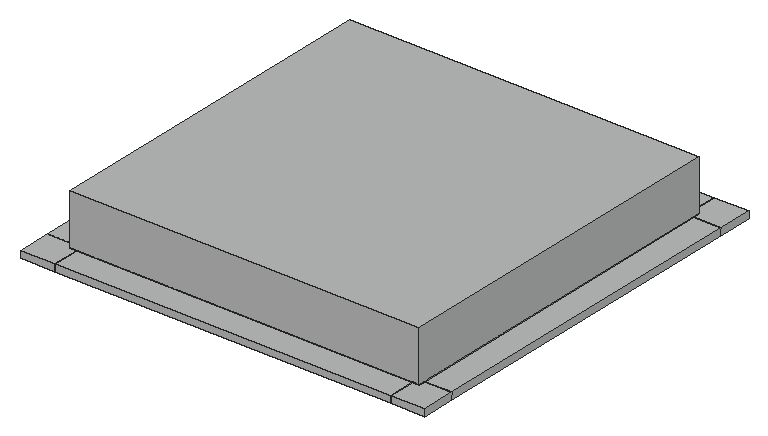
Revit family "ALUMOGIPS", category Осветительные приборы, Revit 2019 (continued)
Types (72, lengths in mm): name | Файл фотометрической сетки | built-in parameter 1150105 | Lumens | built-in parameter 1150106 | built-in parameter 1150142 | Wattage | Emit from Rectangle Width | Emit from Rectangle Length | Длина | Материал светильника | Ширина | ADSK_Ток | ADSK_Полная мощность | ADSK_Обозначение | ADSK_Номинальная мощность | ADSK_Наименование | ADSK_Масса | ADSK_Код изделия
    0.098 0.098 0.000 0.000 0.000 0.000 \r\n1417.637 1417.044 1413.295 1407.474 1398.890 1388.135 1374.815 1358.437 1340.184 1319.661 1296.869 1271.808 1244.971 1216.258 1185.673 1153.507 1120.158 1085.131 \r\n1048.823 1011.329 973.046 933.284 893.127 851.884 810.741 768.314 725.888 683.165 639.752 596.240 552.728 509.019 465.902 422.686 379.371 337.044 295.505 254.757 215.388 176.909 \r\n138.232 103.698 70.942 40.157 12.136 0.592 0.592 0.592 0.493 0.493 0.493 0.493 0.493 0.493 0.493 0.395 0.395 0.395 0.395 0.395 0.395 0.395 0.395 0.296 0.296 0.296 0.296 0.296 0.296 0.296 0.296 0.197 \r\n0.197 0.197 0.197 0.197 0.197 0.197 0.197 0.098 0.098 0.098 0.098 0.098 0.098 0.098 0.098 0.000 0.000 0.000 0.000 \r\n1417.637 1416.946 1413.197 1407.376 1398.693 1387.839 1374.520 1358.042 1339.789 1319.168 1296.376 1271.315 1244.477 1215.765 1185.179 1152.915 1119.566 1084.539 \r\n1048.230 1010.638 972.356 932.594 892.436 851.194 810.050 767.623 725.197 682.474 639.160 595.649 552.038 508.427 465.310 422.094 378.878 336.550 295.111 254.362 214.895 176.514 \r\n137.935 103.403 70.744 39.960 11.939 0.592 0.592 0.592 0.493 0.493 0.493 0.493 0.493 0.493 0.493 0.395 0.395 0.395 0.395 0.395 0.395 0.395 0.395 0.296 0.296 0.296 0.296 0.296 0.296 0.296 0.296 0.197 \r\n0.197 0.197 0.197 0.197 0.197 0.197 0.197 0.098 0.098 0.098 0.098 0.098 0.098 0.098 0.098 0.000 0.000 0.000 0.000 \r\n1417.637 1416.946 1413.098 1407.178 1398.495 1387.544 1374.223 1357.747 1339.395 1318.773 1295.882 1270.822 1243.886 1215.174 1184.587 1152.323 1118.974 1083.848 \r\n1047.540 1009.947 971.665 931.903 891.746 850.503 809.359 766.933 724.507 681.784 638.470 594.958 551.445 507.836 464.718 421.502 378.287 336.057 294.617 253.967 214.500 176.119 \r\n137.640 103.106 70.447 39.762 11.741 0.592 0.592 0.592 0.493 0.493 0.493 0.493 0.493 0.493 0.493 0.395 0.395 0.395 0.395 0.395 0.395 0.395 0.395 0.296 0.296 0.296 0.296 0.296 0.296 0.296 0.296 0.197 \r\n0.197 0.197 0.197 0.197 0.197 0.197 0.197 0.098 0.098 0.098 0.098 0.098 0.098 0.098 0.098 0.000 0.000 0.000 0.000 \r\n1417.637 1416.848 1412.999 1407.079 1398.298 1387.247 1373.829 1357.352 1339.000 1318.378 1295.488 1270.327 1243.392 1214.680 1183.995 1151.731 1118.283 1083.257 \r\n1046.849 1009.257 970.975 931.113 891.055 849.813 808.668 766.242 723.914 681.093 637.779 594.266 550.755 507.145 464.126 421.009 377.793 335.564 294.222 253.474 214.105 175.823 \r\n137.343 102.810 70.250 39.467 11.445 0.592 0.592 0.592 0.493 0.493 0.493 0.493 0.493 0.493 0.493 0.395 0.395 0.395 0.395 0.395 0.395 0.395 0.395 0.296 0.296 0.296 0.296 0.296 0.296 0.296 0.296 0.197 \r\n0.197 0.197 0.197 0.197 0.197 0.197 0.197 0.098 0.098 0.098 0.098 0.098 0.098 0.098 0.098 0.000 0.000 0.000 0.000 \r\n1417.637 1416.848 1412.901 1406.882 1398.002 1387.051 1373.533 1356.957 1338.605 1317.983 1294.994 1269.834 1242.899 1214.089 1183.403 1151.041 1117.692 1082.665 \r\n1046.257 1008.566 970.284 930.423 890.266 849.121 807.978 765.552 723.224 680.403 637.187 593.675 550.163 506.553 463.534 420.416 377.300 335.071 293.729 253.079 213.712 175.429 \r\n136.949 102.515 69.954 39.269 11.248 0.592 0.592 0.592 0.493 0.493 0.493 0.493 0.493 0.493 0.493 0.395 0.395 0.395 0.395 0.395 0.395 0.395 0.395 0.296 0.296 0.296 0.296 0.296 0.296 0.296 0.296 0.197 \r\n0.197 0.197 0.197 0.197 0.197 0.197 0.197 0.098 0.098 0.098 0.098 0.098 0.098 0.098 0.098 0.000 0.000 0.000 0.000 \r\n1417.637 1416.749 1412.802 1406.684 1397.805 1386.754 1373.237 1356.661 1338.210 1317.589 1294.599 1269.341 1242.406 1213.496 1182.811 1150.448 1117.099 1081.974 \r\n1045.566 1007.974 969.593 929.732 889.575 848.333 807.287 764.861 722.533 679.712 636.496 592.985 549.472 505.960 462.942 419.825 376.707 334.577 293.236 252.684 213.317 175.034 \r\n136.652 102.218 69.659 39.072 11.051 0.592 0.592 0.592 0.493 0.493 0.493 0.493 0.493 0.493 0.493 0.395 0.395 0.395 0.395 0.395 0.395 0.395 0.395 0.296 0.296 0.296 0.296 0.296 0.296 0.296 0.296 0.197 \r\n0.197 0.197 0.197 0.197 0.197 0.197 0.197 0.098 0.098 0.098 0.098 0.098 0.098 0.098 0.098 0.000 0.000 0.000 0.000 \r\n1417.637 1416.749 1412.704 1406.586 1397.607 1386.458 1372.941 1356.266 1337.815 1317.095 1294.106 1268.848 1241.813 1213.003 1182.219 1149.856 1116.409 1081.382 \r\n1044.876 1007.283 968.902 929.042 888.885 847.642 806.597 764.170 721.843 679.120 635.806 592.293 548.881 505.368 462.351 419.332 376.214 334.084 292.841 252.191 212.922 174.738 \r\n136.357 101.922 69.461 38.776 10.853 0.592 0.592 0.592 0.493 0.493 0.493 0.493 0.493 0.493 0.493 0.395 0.395 0.395 0.395 0.395 0.395 0.395 0.395 0.296 0.296 0.296 0.296 0.296 0.296 0.296 0.296 0.197 \r\n0.197 0.197 0.197 0.197 0.197 0.197 0.197 0.098 0.098 0.098 0.098 0.098 0.098 0.098 0.098 0.000 0.000 0.000 0.000 \r\n1417.637 1416.650 1412.604 1406.389 1397.311 1386.162 1372.546 1355.871 1337.421 1316.701 1293.613 1268.355 1241.320 1212.411 1181.627 1149.265 1115.816 1080.691 \r\n1044.284 1006.593 968.212 928.351 888.194 846.951 805.906 763.479 721.151 678.429 635.213 591.702 548.190 504.777 461.758 418.740 375.721 333.591 292.348 251.796 212.527 174.343 \r\n135.962 101.627 69.165 38.579 10.557 0.592 0.592 0.592 0.493 0.493 0.493 0.493 0.493 0.493 0.493 0.395 0.395 0.395 0.395 0.395 0.395 0.395 0.395 0.296 0.296 0.296 0.296 0.296 0.296 0.296 0.296 0.197 \r\n0.197 0.197 0.197 0.197 0.197 0.197 0.197 0.098 0.098 0.098 0.098 0.098 0.098 0.098 0.098 0.000 0.000 0.000 0.000 \r\n1417.637 1416.650 1412.506 1406.191 1397.114 1385.866 1372.250 1355.576 1337.027 1316.307 1293.218 1267.861 1240.827 1211.918 1181.035 1148.672 1115.225 1080.099 \r\n1043.593 1005.902 967.620 927.660 887.503 846.260 805.215 762.789 720.461 677.739 634.523 591.011 547.598 504.086 461.166 418.247 375.129 333.098 291.855 251.401 212.132 173.948 \r\n135.666 101.429 68.968 38.381 10.360 0.592 0.592 0.592 0.493 0.493 0.493 0.493 0.493 0.493 0.493 0.493 0.395 0.395 0.395 0.395 0.395 0.395 0.395 0.296 0.296 0.296 0.296 0.296 0.296 0.296 0.296 0.197 \r\n0.197 0.197 0.197 0.197 0.197 0.197 0.197 0.098 0.098 0.098 0.098 0.098 0.098 0.098 0.098 0.000 0.000 0.000 0.000 \r\n1417.637 1416.650 1412.407 1406.093 1396.917 1385.669 1371.954 1355.181 1336.632 1315.912 1292.725 1267.368 1240.334 1211.325 1180.443 1147.982 1114.633 1079.409 \r\n1042.903 1005.212 966.929 926.969 886.812 845.569 804.524 762.098 719.770 677.048 633.832 590.320 546.907 503.494 460.574 417.654 374.636 332.603 291.460 250.908 211.738 173.653 \r\n135.371 101.133 68.671 38.086 10.163 0.592 0.592 0.592 0.493 0.493 0.493 0.493 0.493 0.493 0.493 0.493 0.395 0.395 0.395 0.395 0.395 0.395 0.395 0.296 0.296 0.296 0.296 0.296 0.296 0.296 0.296 0.197 \r\n0.197 0.197 0.197 0.197 0.197 0.197 0.197 0.098 0.098 0.098 0.098 0.098 0.098 0.098 0.098 0.000 0.000 0.000 0.000 \r\n1417.637 1416.551 1412.309 1405.895 1396.621 1385.373 1371.559 1354.786 1336.237 1315.419 1292.232 1266.875 1239.742 1210.733 1179.851 1147.390 1113.942 1078.816 \r\n1042.310 1004.521 966.238 926.279 886.121 844.879 803.834 761.408 719.080 676.357 633.240 589.728 546.315 502.902 459.982 417.062 374.043 332.110 290.967 250.513 211.343 173.258 \r\n135.074 100.837 68.376 37.888 9.965 0.592 0.592 0.592 0.493 0.493 0.493 0.493 0.493 0.493 0.493 0.493 0.395 0.395 0.395 0.395 0.395 0.395 0.395 0.296 0.296 0.296 0.296 0.296 0.296 0.296 0.296 0.197 \r\n0.197 0.197 0.197 0.197 0.197 0.197 0.197 0.098 0.098 0.098 0.098 0.098 0.098 0.098 0.098 0.000 0.000 0.000 0.000 \r\n1417.637 1416.551 1412.111 1405.796 1396.423 1385.077 1371.264 1354.391 1335.842 1315.024 1291.837 1266.382 1239.248 1210.240 1179.259 1146.798 1113.350 1078.126 \r\n1041.620 1003.831 965.548 925.588 885.431 844.090 803.143 760.717 718.389 675.666 632.549 589.038 545.723 502.310 459.390 416.569 373.550 331.617 290.474 250.119 210.948 172.863 \r\n134.679 100.541 68.178 37.591 9.669 0.592 0.592 0.592 0.493 0.493 0.493 0.493 0.493 0.493 0.493 0.493 0.395 0.395 0.395 0.395 0.395 0.395 0.395 0.296 0.296 0.296 0.296 0.296 0.296 0.296 0.296 0.197 \r\n0.197 0.197 0.197 0.197 0.197 0.197 0.197 0.098 0.098 0.098 0.098 0.098 0.098 0.098 0.098 0.000 0.000 0.000 0.000 \r\n1417.637 1416.453 1412.013 1405.600 1396.226 1384.781 1370.968 1354.095 1335.448 1314.629 1291.344 1265.888 1238.754 1209.648 1178.667 1146.206 1112.758 1077.534 \r\n1040.929 1003.140 964.857 924.898 884.740 843.400 802.453 760.026 717.698 674.976 631.859 588.446 545.032 501.718 458.798 415.977 373.057 331.124 290.079 249.625 210.553 172.567 \r\n134.383 100.245 67.883 37.394 9.472 0.592 0.592 0.592 0.493 0.493 0.493 0.493 0.493 0.493 0.493 0.493 0.395 0.395 0.395 0.395 0.395 0.395 0.395 0.296 0.296 0.296 0.296 0.296 0.296 0.296 0.296 0.197 \r\n0.197 0.197 0.197 0.197 0.197 0.197 0.197 0.098 0.098 0.098 0.098 0.098 0.098 0.098 0.098 0.000 0.000 0.000 0.000 \r\n1417.637 1416.453 1411.914 1405.402 1395.930 1384.583 1370.671 1353.701 1335.053 1314.234 1290.850 1265.395 1238.261 1209.155 1178.075 1145.515 1112.067 1076.844 \r\n1040.239 1002.548 964.167 924.207 883.951 842.708 801.762 759.336 717.008 674.383 631.267 587.755 544.441 501.126 458.206 415.385 372.465 330.631 289.585 249.231 210.160 172.172 \r\n134.088 99.949 67.685 37.198 9.275 0.592 0.592 0.592 0.493 0.493 0.493 0.493 0.493 0.493 0.493 0.493 0.395 0.395 0.395 0.395 0.395 0.395 0.395 0.296 0.296 0.296 0.296 0.296 0.296 0.296 0.296 0.197 \r\n0.197 0.197 0.197 0.197 0.197 0.197 0.197 0.098 0.098 0.098 0.098 0.098 0.098 0.098 0.098 0.000 0.000 0.000 0.000 \r\n1417.637 1416.354 1411.816 1405.303 1395.733 1384.288 1370.276 1353.307 1334.658 1313.741 1290.456 1264.901 1237.669 1208.563 1177.582 1144.923 1111.476 1076.252 \r\n1039.646 1001.857 963.476 923.417 883.260 842.018 801.072 758.644 716.317 673.693 630.576 587.064 543.749 500.435 457.614 414.891 371.972 330.137 289.191 248.836 209.765 171.778 \r\n133.693 99.653 67.389 36.901 9.077 0.592 0.592 0.592 0.493 0.493 0.493 0.493 0.493 0.493 0.493 0.493 0.395 0.395 0.395 0.395 0.395 0.395 0.395 0.296 0.296 0.296 0.296 0.296 0.296 0.296 0.296 0.197 \r\n0.197 0.197 0.197 0.197 0.197 0.197 0.197 0.098 0.098 0.098 0.098 0.098 0.098 0.098 0.098 0.000 0.000 0.000 0.000 \r\n" | 25.582 W | 275 | 1175 | 1195 | RAL 9001 | 295 | 0.179584 A | 41.3043 VA | "Alumogips-38/opal-sand 295х1195 (IP40, 4000К, белый)" | 38 W | "Встраиваемый светодиодный светильник Alumogips-38/opal-sand 295х1195 (IP40, 4000К, белый)" | 2.5 | "ЦБ000007453"
